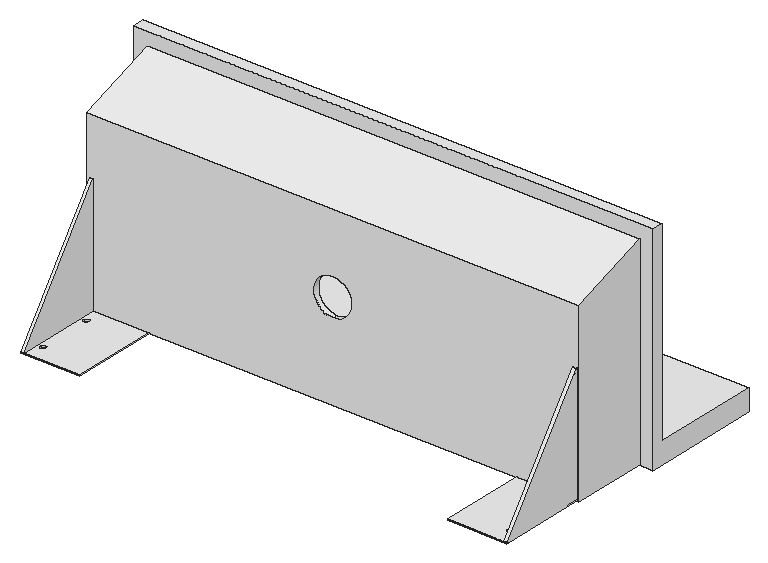
Revit family "Hand_Wash_Trough-2_Station-Acorn-SWS048_Series", category Plumbing Fixtures, host Face, Revit 2019
Family settings
  Host = Face
  Round Connector Dimension = Use Diameter
  Part Type = Normal
  OmniClass Number = 23.45.05.14.14
  OmniClass Title = Sinks/Lavatories
  Cut with Voids When Loaded = No
  Shared = Yes
  Room Calculation Point = No
Parameters (values of type "SWS048-H28")
  cUPC Compliant = yes
  Width = 48"  # constant formula
  Waste Connection = no
  WFU = 0
  Vent Connection = no
  URL = "https://acorneng.com/home"
  Type Comments = "Wall hung Hand Wash Trough"  # constant formula
  Single Center Distance = 1"
  Shipping Weight = "75 lbs (34 kg)"  # constant formula
  Product Page URL = ""
  Product Documentation Link = ""
  Number of User Stations = 2  # constant formula
  Model = "SWS048-H28"
  Material = "Stainless Steel-Acorn-Polished Satin"  # constant formula
  Manufacturer = "Acorn Engineering"  # constant formula
  Installation Type = "Wall Mounted"  # constant formula
  Height = 18"  # constant formula
  HWFU = 0
  HW Connection = no
  H28-2 Holes on 8" Centers = yes
  H1-Single Hole Centered = no
  H0-No Faucet Punching = no
  Finish = Stainless Steel-Acorn-Polished Satin
  Faucet Hole Diameter = 1 1/2"  # constant formula
  Drain Opening Size = 3 1/2"  # constant formula
  Description = "48\" wide 2 user hand wash trough"
  Depth = 20"  # constant formula
  Default Elevation = 34"
  Creation Date = "04/08/2024"  # constant formula
  CWFU = 0
  CW Connection = no
  Bowl Width = 45"  # constant formula
  Bowl Height = 8"  # constant formula
  Bowl Depth = 16 1/2"  # constant formula
  Backsplash Height = 10"  # constant formula
  Assembly Code = "D2010440"
  8" Centers Distance = 3"
Types (4): name | Single Center Distance | Model | H28-2 Holes on 8" Centers | H1-Single Hole Centered | H0-No Faucet Punching | 8" Centers Distance
  (no name) | 1" | "SWS048-H28" | yes | no | no | 3"
  SWS048-H0 | 1" | "SWS048-H0" | no | no | yes | 1"
  SWS048-H1 | 3" | "SWS048-H1" | no | yes | no | 1"
  SWS048-H28 | 1" | "SWS048-H28" | yes | no | no | 3"
Reference planes (in)
  plane 1 "Center (Front/Back)": y = 0
  plane 2: z = 0
  plane 3 "Center (Left/Right)": x = 0
  plane 4: x = 24
  plane 5: x = -24
  plane 6: x = 22.5
  plane 7: x = -22.5
  plane 8: z = 20
  plane 9: z = 2
  plane 10: z = 18.5
  plane 11: z = 9
  plane 12: y = -8
  plane 13: y = -16
  plane 14: y = 10
  plane 15: x = -8
  plane 16: x = 8
  plane 17: x = -12
  plane 18: x = 12
  plane 19: y = 6
  plane 20: z = 16.25
  plane 21: x = -22.75
  plane 22: x = 22.75
  plane 23: x = -16
  plane 24: x = -8
  plane 25: x = 16
  plane 26: x = 8
  plane 27: z = 1
  plane 28: z = 3
  plane 29: z = 4
Forms (in)
  Extrusion 1, solid, material "Stainless Steel-Acorn-Polished Satin" <- "Finish"
    sketch origin (0, 37.58329, 0) x (0, 1, 0) y (0, 0, 1)
      loop
        line (-27.58329, 0) -> (-27.58329, 2) -> (-37.58329, 2) -> (-37.58329, 20) -> (-38.58329, 20) -> (-38.58329, 0) -> (-27.58329, 0)
    from -24 to 24
  Extrusion 2, solid, material "Stainless Steel-Acorn-Polished Satin" <- "Finish"
    sketch origin (24, 37.58329, 0) x (0, 1, 0) y (0, 0, 1)
      loop
        line (-45.58329, 16.24169) -> (-45.58329, 0) -> (-38.58329, 0) -> (-38.58329, 18.70753) -> (-45.58329, 16.24169)
    from -46.75 to -1.25
  Extrusion 3, solid, material "Stainless Steel-Acorn-Polished Satin" <- "Finish"
    sketch origin (0, 0, 0) x (1, 0, 0) y (0, 1, 0)
      loop
        line (-22.5, -8) -> (-22.5, -16) -> (-17, -16) -> (-17, -8) -> (-22.5, -8)
      loop
        line (22.5, -8) -> (17, -8) -> (17, -16) -> (22.5, -16) -> (22.5, -8)
      loop
        circle (-21.59249, -9.5) r 0.25
      loop
        circle (-21.59249, -14.5) r 0.25
      loop
        circle (21.59249, -9.5) r 0.25
      loop
        circle (21.59249, -14.5) r 0.25
    from 0 to 0.08918
  Extrusion 4, solid, material "Stainless Steel-Acorn-Polished Satin" <- "Finish"
    sketch origin (-22.5, 37.58329, 0) x (0, 1, 0) y (0, 0, -1)
      loop
        line (-45.58329, -11.01106) -> (-45.58329, 0) -> (-53.58329, 0) -> (-45.58329, -11.01106)
    from 0 to -0.31503
  Extrusion 5, void
    sketch origin (45, 0, 0) x (0, 0, 1) y (1, 0, 0)
      loop
        circle (9, -45) r 1.5
    from -8 to 0
  Extrusion 6, void
    sketch origin (22.75, 37.58329, 0) x (0, -1, 0) y (0, 0, 1)
      loop
        line (37.58329, 2) -> (45.08329, 2) -> (45.08329, 15.85803) -> (37.58329, 18.5) -> (37.58329, 2)
    from 0.25 to 45.25
  Extrusion 7, solid, material "Stainless Steel-Acorn-Polished Satin" <- "Finish"
    sketch origin (22.5, 37.58329, 0) x (0, 1, 0) y (0, 0, 1)
      loop
        line (-45.58329, 11.01106) -> (-53.58329, 0) -> (-45.58329, 0) -> (-45.58329, 11.01106)
    from 0 to -0.31503
  Extrusion 8, void
    sketch origin (0, 0, 0) x (1, 0, 0) y (0, 1, 0)
      loop
        circle (-12, 6) r 0.75
      loop
        circle (12, 6) r 0.75
    from 4 to 3
  Extrusion 9, void
    sketch origin (-4, 0, 0) x (1, 0, 0) y (0, 1, 0)
      loop
        circle (-12, 6) r 0.75
      loop
        circle (12, 6) r 0.75
      loop
        circle (-4, 6) r 0.75
      loop
        circle (20, 6) r 0.75
    from 1 to 4
  Extrusion 10, void
    sketch origin (45, 0, 0) x (0, 0, 1) y (1, 0, 0)
      loop
        circle (9, -45) r 1.75
    from -8 to 0
Cuts and joins
  Extrusion 5, Extrusion 6, Extrusion 8, Extrusion 9 cuts Extrusion 1
  Extrusion 6, Extrusion 10 cuts Extrusion 2
  joined: Extrusion 1, Extrusion 2
Dimensions and locks (in)
  "Width": plane 5 to plane 4
  "Bowl Width": plane 7 to plane 6
  "Depth": level to plane 8
  level to plane 9 = 2"
  "Bowl Depth": plane 9 to plane 10
  plane 6 to plane 4 = 1 1/2"
  plane 7 to plane 5 = 1 1/2"
  level to plane 11 = 9"
  plane 1 "Center (Front/Back)" to plane 14 = 10"  (x2)
  plane 12 to plane 1 "Center (Front/Back)" = 8"  (x2)
  plane 12 to plane 13 = 8"
  locked: plane 15 to plane 16 at 16
  plane 17 to plane 15 = 4"
  plane 16 to plane 18 = 4"
  plane 1 "Center (Front/Back)" to plane 19 = 6"
  plane 9 to level = 2"
  plane 20 to plane 9 = 14 1/4"
  plane 13 to plane 12 = 8"
  plane 8 to host face = 20"
  plane 10 to plane 9 = 16 1/2"
  plane 8 to plane 10 = 1 1/2"
  locked: plane 12 to Extrusion 6 sketch curve at 0.5
  plane 21 to plane 7 = 1/4"
  plane 22 to plane 6 = 1/4"
  equal spacing: plane 15, plane 3 "Center (Left/Right)", plane 16
  equal spacing: plane 23, plane 17, plane 24, locked at 4 each
  equal spacing: plane 26, plane 18, plane 25, locked at 4 each
  plane 23 to plane 17 = 4"
  plane 17 to plane 24 = 4"
  locked: plane 26 to plane 18 at 4
  plane 18 to plane 25 = 4"
  "8" Centers Distance": plane 27 to plane 29
  "Single Center Distance": plane 28 to plane 29
  radius of Extrusion 8 sketch curve = 3/4"
  aligned and locked: plane 2 to host face
  aligned and locked: level to host face
  aligned and locked: plane 8 to Extrusion 1 sketch curve
  aligned and locked: Extrusion 1 to plane 4
  aligned and locked: Extrusion 1 to plane 5
  aligned and locked: plane 3 "Center (Left/Right)" to Extrusion 5 sketch curve
  aligned and locked: plane 11 to Extrusion 5 sketch curve
  aligned and locked: Extrusion 5 to plane 1 "Center (Front/Back)"
  aligned and locked: plane 9 to Extrusion 6 sketch curve
  aligned and locked: Extrusion 6 sketch curve to plane 1 "Center (Front/Back)"
  aligned and locked: Extrusion 6 to plane 7
  aligned and locked: Extrusion 6 to plane 6
  aligned and locked: plane 17 to Extrusion 8 sketch curve
  aligned and locked: plane 19 to Extrusion 8 sketch curve  (x2)
  aligned and locked: plane 18 to Extrusion 8 sketch curve
  aligned and locked: plane 23 to Extrusion 9 sketch curve
  aligned and locked: plane 19 to Extrusion 9 sketch curve  (x4)
  aligned and locked: plane 24 to Extrusion 9 sketch curve
  aligned and locked: plane 26 to Extrusion 9 sketch curve
  aligned and locked: plane 25 to Extrusion 9 sketch curve
  aligned and locked: plane 3 "Center (Left/Right)" to Extrusion 10 sketch curve
  aligned and locked: plane 11 to Extrusion 10 sketch curve
  aligned and locked: Extrusion 10 to plane 12
  aligned and locked: Extrusion 10 to plane 1 "Center (Front/Back)"
  aligned and locked: Extrusion 9 to plane 27
  aligned and locked: plane 29 to Extrusion 9
  aligned and locked: Extrusion 3 to Extrusion 5
  aligned and locked: Extrusion 9 to Extrusion 8
  aligned and locked: Extrusion 8 to plane 28
Automatic sketch dimensions
  host sketch curve to host sketch curve = 96"  (x2)
  Extrusion 1 sketch curve to level = 0"
  Extrusion 1 sketch curve to plane 1 "Center (Front/Back)" = 0"
  Extrusion 1 sketch curve to plane 9 = 0"
  Extrusion 1 sketch curve to plane 14 = 0"
  plane 1 "Center (Front/Back)" to Extrusion 1 sketch curve = 1"
  Extrusion 2 sketch curve to Extrusion 1 = 0"  (x2)
  Extrusion 1 to Extrusion 2 sketch curve = 7"
  Extrusion 2 sketch curve to Extrusion 1 = 3.75831"
  Extrusion 2 sketch curve to Extrusion 1 = 1.29247"
  Extrusion 3 sketch curve to plane 7 = 0"
  Extrusion 3 sketch curve to plane 13 = 0"  (x2)
  Extrusion 3 sketch curve to plane 12 = 0"  (x2)
  Extrusion 3 sketch curve to plane 6 = 0"
  plane 7 to Extrusion 3 sketch curve = 0.90751"  (x2)
  Extrusion 3 sketch curve to plane 23 = 1"
  Extrusion 3 sketch curve to plane 25 = 1"
  plane 6 to Extrusion 3 sketch curve = 0.90751"  (x2)
  plane 13 to Extrusion 3 sketch curve = 1 1/2"  (x2)
  Extrusion 3 sketch curve to plane 12 = 1 1/2"  (x2)
  Extrusion 4 sketch curve to level = 0"
  Extrusion 4 sketch curve to plane 13 = 0"
  Extrusion 4 sketch curve to plane 12 = 0"
  plane 11 to Extrusion 4 sketch curve = 2.01106"
  Extrusion 6 sketch curve to Extrusion 6 sketch curve = 13.85803"
  Extrusion 6 sketch curve to Extrusion 6 sketch curve = 2.64197"
  Extrusion 7 sketch curve to level = 0"
  Extrusion 7 sketch curve to plane 13 = 0"
  Extrusion 7 sketch curve to plane 12 = 0"
  plane 11 to Extrusion 7 sketch curve = 2.01106"
  radius of Extrusion 5 sketch curve = 1 1/2"
  radius of Extrusion 8 sketch curve = 3/4"
  radius of Extrusion 9 sketch curve = 3/4"  (x4)
  radius of Extrusion 10 sketch curve = 1 3/4"
  radius of Extrusion 3 sketch curve = 1/4"  (x4)
